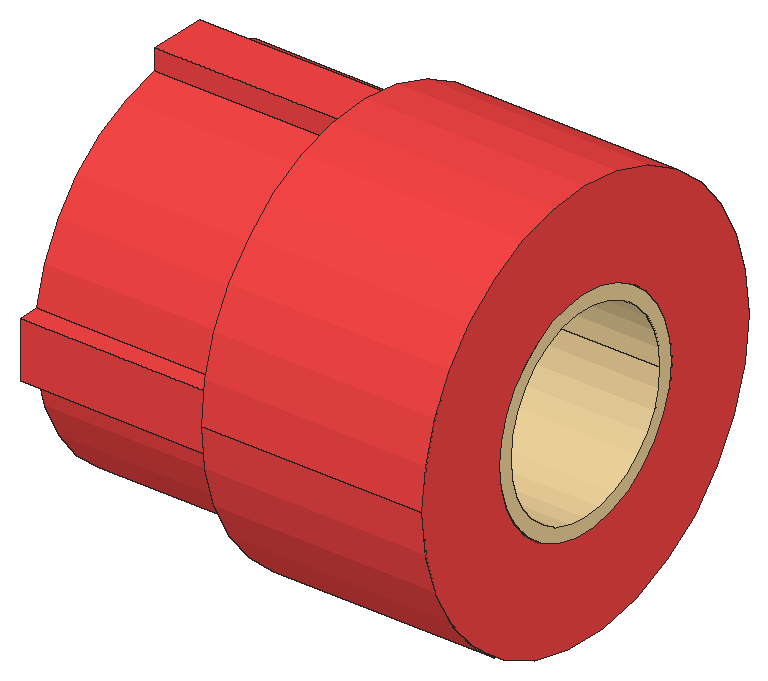
Revit family "Aquatherm_Переходник B1_2", category Соединительные детали трубопроводов, Revit 2019
Family settings
  Размер круглого соединителя = Использовать диаметр
  Тип детали = Переход
  На основе рабочей плоскости = Нет
  Всегда вертикально = Да
  При загрузке вырезать с полостями = Нет
  Общий = Нет
Parameters (values of type "SDR 11")
  Материал_Корпус_2 = AquaTherm латунь pipe
  Материал_Корпус = AquaTherm red pipe
  z1 [instance] = 17 mm
  z [instance] = size_lookup("Переходник", "z", 18 mm, d, R)  # 12.5 mm
  n [instance] = l  # 30.5 mm
  m [instance] = z  # 12.5 mm
  d1 [instance] = R - 3 mm  # 17 mm
  URL = "www.agpipe.ru"
  l [instance] = size_lookup("Переходник", "l", 18 mm, d, R)  # 30.5 mm
  d [instance] = 32 mm
  R1 [instance] = R + 3 mm  # 23 mm
  R [instance] = 20 mm
  L [instance] = size_lookup("Переходник", "L", 18 mm, d, R)  # 43.5 mm
  D2 [instance] = D1 + 4 mm  # 42 mm
  D1 [instance] = d + 6 mm  # 38 mm
  D [instance] = size_lookup("Переходник", "D", 18 mm, d, R)  # 43.5 mm
  ADSK_Примечание = ""
  ADSK_Позиция [instance] = ""
  ADSK_Обозначение = ""
  ADSK_Наименование [instance] = size_lookup("Переходник", "ADSK_Наименование", "Нет в каталоге", d, R)  # "Переходник/B1 DN32x3/4''"
  ADSK_Масса_Текст [instance] = size_lookup("Переходник", "ADSK_Масса_Текст", "Нет в каталоге", d, R)  # "-"
  ADSK_Код изделия [instance] = size_lookup("Переходник", "ADSK_Код изделия", "Нет в каталоге", d, R)  # "4121013"
  ADSK_Завод-изготовитель = "Aquatherm"  # constant formula
  ADSK_Единица измерения = "шт."  # constant formula
  1 [instance] = 1 = 1  # yes
Types (5): name
  (no name)
  SDR 6
  SDR 7.4
  SDR 9
  SDR 11
Reference planes
  plane 1 "По центру (Вперед/Назад)": y = 0
  plane 2: z = 0
  plane 3 "По центру (Влево/Вправо)": x = 0
  plane 4: x = -21.75
  plane 5: x = 21.75
  plane 6: x = -3.75
  plane 7: x = 8.75
Forms (mm)
  Extrusion 1, solid, material "AquaTherm red pipe" <- "Материал_Корпус", visible <- "1"
    sketch origin (0, 0, 0) x (0, 1, 0) y (0, 0, 1)
      loop
        circle (0, 0) r 19
    from -21.75 to -1.8
  Extrusion 2, solid, material "AquaTherm red pipe" <- "Материал_Корпус", visible <- "1"
    sketch origin (0, 0, 0) x (0, 1, 0) y (0, 0, 1)
      loop
        circle (0, 0) r 21.75
    from -1.8 to 21.75
  Extrusion 3, solid, material "AquaTherm red pipe" <- "Материал_Корпус", visible <- "1"
    sketch origin (0, 0, 0) x (0, 1, 0) y (0, 0, 1)
      loop
        line (3, -21) -> (3, 21) -> (-3, 21) -> (-3, -21) -> (3, -21)
    from -21.75 to -1.8
  Extrusion 4, solid, material "AquaTherm red pipe" <- "Материал_Корпус", visible <- "1"
    sketch origin (0, 0, 0) x (0, 1, 0) y (0, 0, 1)
      loop
        line (-21, -3) -> (21, -3) -> (21, 3) -> (-21, 3) -> (-21, -3)
    from -21.75 to -1.8
  Extrusion 5, void
    sketch origin (0, 0, 0) x (0, 1, 0) y (0, 0, 1)
      loop
        circle (0, 0) r 11.5
    from 8.75 to 21.75
  Extrusion 6, void
    sketch origin (0, 0, 0) x (0, 1, 0) y (0, 0, 1)
      loop
        circle (0, 0) r 16
    from -21.75 to -3.75
  Extrusion 7, void
    sketch origin (0, 0, 0) x (0, 1, 0) y (0, 0, 1)
      loop
        circle (0, 0) r 8.5
    from -3.75 to 8.75
  Extrusion 8, solid, material "AquaTherm латунь pipe" <- "Материал_Корпус_2"
    sketch origin (0, 0, 0) x (0, 1, 0) y (0, 0, 1)
      loop
        circle (0, 0) r 11.5
      loop
        circle (0, 0) r 10
    from 8.75 to 21.75
Cuts and joins
  Extrusion 6, Extrusion 7 cuts Extrusion 1
  Extrusion 6, Extrusion 7 cuts Extrusion 3
  Extrusion 6, Extrusion 7 cuts Extrusion 4
  joined: Extrusion 1, Extrusion 3, Extrusion 4
  Extrusion 5, Extrusion 6, Extrusion 7 cuts Extrusion 2
Lines and regions (mm)
  reference lines
    curve 1: line (-3.75, 0, 0) -> (8.75, 0, 0)
Dimensions and locks
  equal spacing: plane 4, plane 3 "По центру (Влево/Вправо)", plane 5
  "L": plane 4 to plane 5
  "n": plane 4 to plane 7
  locked: plane 6 to Extrusion 1 at 1.95
  equal spacing: Extrusion 3 sketch curve, level, Extrusion 3 sketch curve
  "D2": Extrusion 3 sketch curve to Extrusion 3 sketch curve
  equal spacing: Extrusion 4 sketch curve, plane 1 "По центру (Вперед/Назад)", Extrusion 4 sketch curve
  "D2": Extrusion 4 sketch curve to Extrusion 4 sketch curve
  "z": plane 6 to plane 7
  "D1": diameter of Extrusion 1 sketch curve
  "D": diameter of Extrusion 2 sketch curve
  "R1": diameter of Extrusion 5 sketch curve
  "d": diameter of Extrusion 6 sketch curve
  "d1": diameter of Extrusion 7 sketch curve
  "R": diameter of Extrusion 8 sketch curve
  "R1": diameter of Extrusion 8 sketch curve
  aligned and locked: level to plane 2
  aligned and locked: plane 5 to Extrusion 2
  aligned and locked: Extrusion 1 to plane 4
  aligned and locked: Extrusion 2 to Extrusion 1
  aligned and locked: Extrusion 4 to plane 4
  aligned and locked: Extrusion 3 to plane 4
  aligned and locked: Extrusion 1 to Extrusion 3
  aligned and locked: Extrusion 4 to Extrusion 1
  aligned and locked: plane 5 to Extrusion 5
  aligned and locked: Extrusion 5 to plane 7
  aligned and locked: Extrusion 6 to plane 4
  aligned and locked: plane 6 to Extrusion 6
  aligned and locked: Extrusion 7 to plane 6
  aligned and locked: plane 7 to Extrusion 7
  aligned and locked: plane 6 to curve 1
  aligned and locked: plane 7 to curve 1
  aligned and locked: Extrusion 8 to plane 7
  aligned and locked: plane 5 to Extrusion 8
Automatic sketch dimensions
  plane 1 "По центру (Вперед/Назад)" to curve 1 = 0 mm
  Extrusion 1 sketch curve to level = 0 mm
  Extrusion 1 sketch curve to plane 1 "По центру (Вперед/Назад)" = 0 mm
  Extrusion 2 sketch curve to level = 0 mm
  Extrusion 2 sketch curve to plane 1 "По центру (Вперед/Назад)" = 0 mm
  plane 1 "По центру (Вперед/Назад)" to Extrusion 3 sketch curve = 3 mm
  Extrusion 3 sketch curve to plane 1 "По центру (Вперед/Назад)" = 3 mm
  Extrusion 4 sketch curve to level = 3 mm
  level to Extrusion 4 sketch curve = 3 mm
  Extrusion 5 sketch curve to level = 0 mm
  Extrusion 5 sketch curve to plane 1 "По центру (Вперед/Назад)" = 0 mm
  Extrusion 6 sketch curve to level = 0 mm
  Extrusion 6 sketch curve to plane 1 "По центру (Вперед/Назад)" = 0 mm
  Extrusion 7 sketch curve to level = 0 mm
  Extrusion 7 sketch curve to plane 1 "По центру (Вперед/Назад)" = 0 mm
  Extrusion 8 sketch curve to Extrusion 8 sketch curve = 0 mm  (x2)
  Extrusion 8 sketch curve to level = 0 mm
  Extrusion 8 sketch curve to plane 1 "По центру (Вперед/Назад)" = 0 mm
Connectors
  piping at (-3.75, 0, 0), diameter 32, driven by "d"
    settings: on curve 1, index 1, connector inside diameter 609.6 mm, connector length 0 mm, flow factor 0, pipe flow 0.0 L/s, pressure drop 0.0 Pa, fitting loss kfactor 0, connector angle 0.00°, fixture units 0, engagement length 0 mm, angle of deflection 0.00°, flow configuration 0, flow direction 0, fitting loss method 0, system type 28, joint type 0, gender type 0, connector reference index 2, connector utility 0, adjustable connector no, is connector primary yes, connector description ""
  piping at (8.75, 0, 0), diameter 20, driven by "R"
    settings: on curve 1, index 2, connector inside diameter 609.6 mm, connector length 0 mm, flow factor 0, pipe flow 0.0 L/s, pressure drop 0.0 Pa, fitting loss kfactor 0, connector angle 0.00°, fixture units 0, engagement length 0 mm, angle of deflection 0.00°, flow configuration 0, flow direction 0, fitting loss method 0, system type 28, joint type 0, gender type 0, connector reference index 1, connector utility 0, adjustable connector no, is connector primary no, connector description ""
